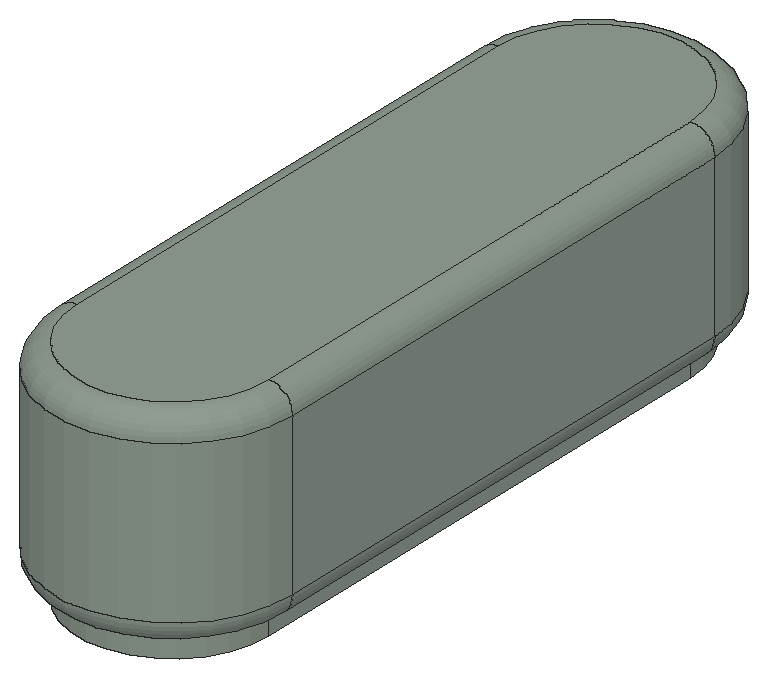
Revit family "FU_Sofa_Sandler_Tablet 8-7", category Furniture, Revit 2020
Family settings
  OmniClass Number = 23.21.23.15.17
  Work Plane-Based = Yes
  Always vertical = No
  Cut with Voids When Loaded = No
  Shared = No
  Room Calculation Point = No
Parameters (values of type "TABLET 8.7")
  Youtube clip = ""
  Uniformat II Description = "Movable Furnishings"
  Uniformat II Code = ""
  Uniclass 2015 Name = ""
  Uniclass 2015 Code = ""
  Uniclass 2.0 Description = ""
  Uniclass 2.0 Code = ""
  Uniclass 1.4 Description = ""
  Uniclass 1.4 Code = ""
  UNSPSC Code = ""
  Technical description = ""
  Shell Material [instance] = Fabric - Mainline Flax - Bayswater MLF24
  Region South America = "All"
  Region Oceania = "All"
  Region North America = "All"
  Region Middle East = "All"
  Region Europe = "All"
  Region Asia = "All"
  Region Antarctica = "All"
  Region Africa = "All"
  QR code = "https://www.sandlerseating.com/product/tablet-8-6/"
  Product url = "https://www.sandlerseating.com/product/tablet-8-7/"
  Product name = "TABLET 8.6"
  Product group = "Chair"
  Product family = "Furniture"
  Product data url = "https://www.sandlerseating.com/product/tablet-8-7/"
  Product certification = ""
  Product SKU = "??"
  Product Guid = "??"
  OmniClass Description = ""
  OmniClass Code = "23-21 23 15 17"
  NBS Reference Description = ""
  NBS Reference Code = ""
  Model = "TABLET 8.7"
  Masterformat 2014 Description = "Chair Mats"
  Masterformat 2014 Code = "12 48 43.13"
  Manufacturer name = "Sandler"
  Manufacturer country = "USA"
  Manufacturer = "Sandler"
  Installation instructions = ""
  IFC Classification = "Furnishing Element"
  GTIN code = ""
  Edition number = 1
  Design country = "Brasil"
  Description = "Large ottoman with upholstered plinth."
  Default Elevation = 0.000 mm
  Date of publishing = ""
  COBIe Type Category = ""
  Brand url = "https://www.sandlerseating.com/"
  BIMobject main category code = "furniture"
  BIMobject main category = "Furniture"
  BIMobject category code = "furniture-chair"
  BIMobject category = "Chair"
Reference planes
  plane 1 "Center Front/Back": x = 0
  plane 2: z = 0
  plane 3 "Center Left/Right": x = 0
  plane 4: z = 480
  plane 5: z = 45
Forms (mm)
  Extrusion 1, solid, material "Fabric - Mainline Flax - Bayswater MLF24" <- "Shell Material"
    sketch origin (0, 0, 800) x (0, -1, 0) y (1, 0, 0)
      loop
        arc (550.2, -250) -> (800.2, 0) -> (550.2, 250) r 250
        line (550.2, 250) -> (-550.2, 250)
        arc (-550.2, 250) -> (-800.2, 0) -> (-550.2, -250) r 250
        line (-550.2, -250) -> (550.2, -250)
    from -755 to -320
  Extrusion 2, solid, material "Fabric - Mainline Flax - Bayswater MLF24" <- "Shell Material"
    sketch origin (0, 0, 800) x (0, -1, 0) y (1, 0, 0)
      loop
        arc (550.2, -200) -> (750.2, 0) -> (550.2, 200) r 200
        line (550.2, 200) -> (-550.2, 200)
        arc (-550.2, 200) -> (-750.2, 0) -> (-550.2, -200) r 200
        line (-550.2, -200) -> (550.2, -200)
    from -800 to -755
  Sweep 3, void
    path in 3D
      loop
        arc (-250, -550.2, 480) -> (0, -800.2, 480) -> (250, -550.2, 480) r 250
        line (250, -550.2, 480) -> (250, 550.2, 480)
        arc (250, 550.2, 480) -> (0, 800.2, 480) -> (-250, 550.2, 480) r 250
        line (-250, 550.2, 480) -> (-250, -550.2, 480)
    profile origin (-250, 0, 480) x (1, 0, 0) y (0, 0, 1)
      loop
        line (0, 0) -> (0, -50)
        arc (0, -50) -> (14.645, -14.645) -> (50, 0) r 50
        line (50, 0) -> (0, 0)
      loop
        line (0, -435) -> (50, -435)
        arc (50, -435) -> (14.645, -420.355) -> (0, -385) r 50
        line (0, -385) -> (0, -435)
Cuts and joins
  Sweep 3 cuts Extrusion 1
Lines and regions (mm)
  sketch lines
    curve 1: line (-250, 550.2, 480) -> (-250, -550.2, 480)
    curve 2: arc (-250, 550.2, 480) -> (0, 800.2, 480) -> (250, 550.2, 480) r 250
    curve 3: line (250, -550.2, 480) -> (250, 550.2, 480)
    curve 4: arc (250, -550.2, 480) -> (0, -800.2, 480) -> (-250, -550.2, 480) r 250
Dimensions and locks
  aligned and locked: level to plane 2
